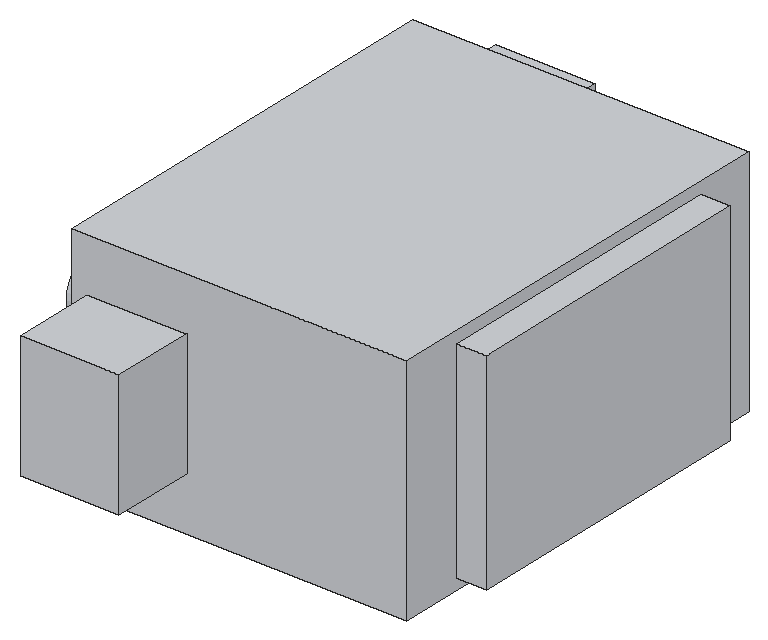
Revit family "M_Unidade de VAV - Duto duplo", category Equipamento mecânico, Revit 2019
Family settings
  Cota do conector redondo = Usar raio
  Tipo de parte = Normal
  Número OmniClass = 23.75.70.21.24.14
  Título OmniClass = Variable Volume Air Terminal Units
  ID de item do Seek = VAV Unit - Dual Duct-0000-CAN-ENU
  Com base no plano de trabalho = Não
  Sempre na vertical = Sim
  Corte com vazios quando carregada = Não
  Compartilhado = Não
  Ponto de cálculo do ambiente = Não
Parameters (values of type "125mmx125mm")
  Largura 4 = Largura de metade do total - Largura 1  # 177.7 mm
  Largura 3 = Largura de metade do total - Largura 2  # 177.7 mm
  Largura 2 = 177.8 mm
  Largura 1 = 177.8 mm
  Largura de saída do ar de fornecimento = 500 mm
  Largura total = 711 mm
  Comprimento total = 559 mm
  Altura total = Altura de saída do ar de fornecimento + 38.1 mm  # 388.1 mm
  Fluxo de ar de saída [instance] = 0.0 L/s
  Queda de pressão do ar quente [instance] = 14.9 Pa
  Raio da entrada de ar quente = 62.5 mm
  Diâmetro da entrada de ar quente = Raio da entrada de ar quente * 2  # 125 mm
  Fluxo de ar quente [instance] = 165.0 L/s
  Largura de metade do total = Largura total / 2  # 355.5 mm
  Altura de metade do total = Altura total / 2  # 194.05 mm
  Altura da meia saída de ar = Altura de saída do ar de fornecimento / 2  # 175 mm
  Queda de pressão do ar fresco [instance] = 14.9 Pa
  Raio interno do ar fresco = 62.5 mm
  Diâmetro interno do ar fresco = Raio interno do ar fresco * 2  # 125 mm
  Fluxo de ar fresco [instance] = 165.0 L/s
  Material da caixa = none
  Altura de saída do ar de fornecimento = 350 mm
Types (13, lengths in mm): name | Largura 4 | Largura 3 | Largura 2 | Largura 1 | Largura total | Comprimento total | Altura total | Queda de pressão do ar quente | Raio da entrada de ar quente | Diâmetro da entrada de ar quente | Fluxo de ar quente | Largura de metade do total | Altura de metade do total | Altura da meia saída de ar | Queda de pressão do ar fresco | Raio interno do ar fresco | Diâmetro interno do ar fresco | Fluxo de ar fresco | Altura de saída do ar de fornecimento
  (no name) | 177.7 | 177.7 | 177.8 | 177.8 | 711 | 559 | 388.1 | 14.9 Pa | 62.5 | 125 | 165.0 L/s | 355.5 | 194.05 | 175 | 14.9 Pa | 62.5 | 125 | 165.0 L/s | 350
  125mmx125mm | 177.7 | 177.7 | 177.8 | 177.8 | 711 | 559 | 388.1 | 14.9 Pa | 62.5 | 125 | 165.0 L/s | 355.5 | 194.05 | 175 | 14.9 Pa | 62.5 | 125 | 165.0 L/s | 350
  150mmx125mm | 177.7 | 177.7 | 177.8 | 177.8 | 711 | 559 | 388.1 | 14.9 Pa | 62.5 | 125 | 165.0 L/s | 355.5 | 194.05 | 175 | 94.6 Pa | 75 | 150 | 236.0 L/s | 350
  150mmx150mm | 177.7 | 177.7 | 177.8 | 177.8 | 711 | 559 | 388.1 | 94.6 Pa | 75 | 150 | 236.0 L/s | 355.5 | 194.05 | 175 | 94.6 Pa | 75 | 150 | 236.0 L/s | 350
  200mmx150mm | 152.3 | 177.7 | 177.8 | 203.2 | 711 | 559 | 388.1 | 94.6 Pa | 75 | 150 | 236.0 L/s | 355.5 | 194.05 | 175 | 59.7 Pa | 100 | 200 | 425.0 L/s | 350
  200mmx200mm | 152.3 | 152.3 | 203.2 | 203.2 | 711 | 559 | 388.1 | 59.7 Pa | 100 | 200 | 425.0 L/s | 355.5 | 194.05 | 175 | 59.7 Pa | 100 | 200 | 425.0 L/s | 350
  250mmx200mm | 177.7 | 152.3 | 203.2 | 177.8 | 711 | 559 | 388.1 | 59.7 Pa | 100 | 200 | 425.0 L/s | 355.5 | 194.05 | 175 | 42.3 Pa | 125 | 250 | 661.0 L/s | 350
  250mmx250mm | 177.7 | 177.7 | 177.8 | 177.8 | 711 | 559 | 388.1 | 42.3 Pa | 127 | 254 | 661.0 L/s | 355.5 | 194.05 | 175 | 42.3 Pa | 125 | 250 | 661.0 L/s | 350
  300mmx200mm | 254 | 304.8 | 203.2 | 254 | 1016 | 610 | 538.1 | 59.7 Pa | 100 | 200 | 425.0 L/s | 508 | 269.05 | 250 | 24.9 Pa | 150 | 300 | 944.0 L/s | 500
  300mmx250mm | 254 | 279.4 | 228.6 | 254 | 1016 | 610 | 538.1 | 42.3 Pa | 125 | 250 | 661.0 L/s | 508 | 269.05 | 250 | 24.9 Pa | 150 | 300 | 944.0 L/s | 500
  300mmx300mm | 254 | 254 | 254 | 254 | 1016 | 610 | 538.1 | 24.9 Pa | 150 | 300 | 944.0 L/s | 508 | 269.05 | 250 | 24.9 Pa | 150 | 300 | 944.0 L/s | 500
  350mmx350mm | 254 | 254 | 254 | 254 | 1016 | 610 | 538.1 | 47.3 Pa | 175 | 350 | 1420.0 L/s | 508 | 269.05 | 250 | 47.3 Pa | 175 | 350 | 1420.0 L/s | 500
  400mmx400mm | 254 | 254 | 254 | 254 | 1016 | 610 | 538.1 | 24.9 Pa | 200 | 400 | 1890.0 L/s | 508 | 269.05 | 250 | 24.9 Pa | 200 | 400 | 1890.0 L/s | 500
Reference planes
  plane 1 "Centro (Frente/Trás)": y = 0
  plane 2: z = 0
  plane 3 "Centro (Esquerda/Direita)": x = 0
  plane 4: x = 559
  plane 5: y = 355.5
  plane 6: y = -355.5
  plane 7: z = 388.1
  plane 8: x = 609.8
  plane 9: y = 254
  plane 10: y = -254
  plane 11: z = 369.05
  plane 12: z = 194.05
  plane 13: x = 25.4
  plane 14: y = 495.2
  plane 15: y = -495.2
  plane 16: x = -101.6
  plane 17: y = 177.7
  plane 18: y = -177.7
  plane 19: x = 190.5
  plane 20: y = -115.2
  plane 21: y = -240.2
  plane 22: y = 115.2
  plane 23: y = 240.2
  plane 24: z = 298.825
  plane 25: z = 89.275
  plane 26: z = 19.05
Forms (mm)
  Extrusion 1, solid, material <- "Material da caixa"
    sketch origin (0, 0, 0) x (1, 0, 0) y (0, 1, 0)
      loop
        line (0, 355.5) -> (0, -355.5) -> (559, -355.5) -> (559, 355.5) -> (0, 355.5)
    from 0 to 388.1
  Extrusion 2, solid, material <- "Material da caixa"
    sketch origin (0, -124.148, 82.55) x (1, 0, 0) y (0, 1, 0)
      loop
        line (559, 378.148) -> (559, -129.852) -> (609.8, -129.852) -> (609.8, 378.148) -> (559, 378.148)
    from -63.5 to 286.5
  Extrusion 3, solid, material <- "Material da caixa"
    sketch origin (-82.55, 0, 0) x (1, 0, 0) y (0, 1, 0)
      loop
        line (107.95, -355.5) -> (107.95, -495.2) -> (273.05, -495.2) -> (273.05, -355.5) -> (107.95, -355.5)
    from 89.275 to 298.825
  Extrusion 4, solid, material <- "Material da caixa"
    sketch origin (0, 0, 0) x (1, 0, 0) y (0, 1, 0)
      loop
        line (25.4, 495.2) -> (25.4, 355.5) -> (190.5, 355.5) -> (190.5, 495.2) -> (25.4, 495.2)
    from 89.275 to 298.825
  Sweep 5, solid, material <- "Material da caixa"
    path origin (0, 0, 0) x (1, 0, 0) y (0, 0, 1)
      loop
        line (0, 194.05) -> (-101.6, 194.05)
    profile origin (-50.8, 0, 194.05) x (0, 0, -1) y (0, -1, 0)
      loop
        circle (0, -177.7) r 62.5
  Sweep 6, solid, material <- "Material da caixa"
    path origin (0, 0, 0) x (1, 0, 0) y (0, 0, 1)
      loop
        line (0, 194.05) -> (-101.6, 194.05)
    profile origin (-50.8, 0, 194.05) x (0, 0, -1) y (0, -1, 0)
      loop
        circle (0, 177.7) r 62.5
Dimensions and locks
  "Comprimento total": plane 3 "Centro (Esquerda/Direita)" to plane 4
  "Largura de metade do total": plane 5 to plane 1 "Centro (Frente/Trás)"
  "Largura de metade do total": plane 6 to plane 1 "Centro (Frente/Trás)"
  plane 8 to plane 4 = 50.8 mm
  equal spacing: plane 9, plane 1 "Centro (Frente/Trás)", plane 10
  "Altura total": plane 7 to level
  equal spacing: plane 7, plane 12, level
  plane 14 to plane 5 = 139.7 mm
  plane 3 "Centro (Esquerda/Direita)" to plane 16 = 101.6 mm
  "Largura 3": plane 17 to plane 1 "Centro (Frente/Trás)"
  "Largura 4": plane 1 "Centro (Frente/Trás)" to plane 18
  plane 3 "Centro (Esquerda/Direita)" to plane 13 = 25.4 mm
  plane 13 to plane 19 = 165.1 mm
  plane 16 to plane 3 "Centro (Esquerda/Direita)" = 101.6 mm
  plane 6 to plane 15 = 139.7 mm
  "Raio da entrada de ar quente": plane 18 to plane 20
  "Raio da entrada de ar quente": plane 18 to plane 21
  "Raio interno do ar fresco": plane 22 to plane 17
  "Raio interno do ar fresco": plane 17 to plane 23
  plane 24 to plane 12 = 104.775 mm
  plane 12 to plane 25 = 104.775 mm
  "Altura da meia saída de ar": plane 11 to plane 12
  "Altura da meia saída de ar": plane 12 to plane 26
  plane 9 to plane 1 "Centro (Frente/Trás)" to plane 10 = 254 mm, 254 mm
  "Raio interno do ar fresco": radius of Sweep 5 sketch curve
  "Raio da entrada de ar quente": radius of Sweep 6 sketch curve
  aligned and locked: Extrusion 1 to plane 3 "Centro (Esquerda/Direita)"
  aligned and locked: plane 4 to Extrusion 1
  aligned and locked: plane 5 to Extrusion 1
  aligned and locked: plane 6 to Extrusion 1
  aligned and locked: level to Extrusion 1
  aligned and locked: plane 11 to Extrusion 2
  aligned and locked: plane 2 to Extrusion 1
  aligned and locked: Extrusion 2 to plane 11  (x2)
  aligned and locked: plane 7 to Extrusion 1
  aligned and locked: Extrusion 4 to plane 13  (x3)
  aligned and locked: Extrusion 3 to plane 13  (x2)
  aligned and locked: Extrusion 4 to plane 5
  aligned and locked: plane 6 to Extrusion 3
  aligned and locked: plane 14 to Extrusion 4
  aligned and locked: Extrusion 3 to plane 15
  aligned and locked: plane 17 to Sweep 5 sketch curve
  aligned and locked: plane 12 to Sweep 5 sketch curve
  aligned and locked: Sweep 5 to plane 16
  aligned and locked: plane 19 to Extrusion 4  (x3)
  aligned and locked: plane 19 to Extrusion 3  (x2)
  aligned and locked: plane 18 to Sweep 6 sketch curve
  aligned and locked: plane 12 to Sweep 6 sketch curve
  aligned and locked: Sweep 6 to plane 16
  aligned and locked: Extrusion 1 to Sweep 5
  aligned and locked: Extrusion 3 to plane 25
  aligned and locked: plane 24 to Extrusion 3
  aligned and locked: plane 24 to Extrusion 4
  aligned and locked: Extrusion 4 to plane 25
  aligned and locked: plane 13 to Extrusion 3
  aligned and locked: plane 13 to Extrusion 4
  aligned and locked: Extrusion 2 to plane 26
  aligned and locked: plane 8 to Extrusion 2
  aligned and locked: Extrusion 2 to plane 4
  aligned and locked: plane 9 to Extrusion 2
  aligned and locked: Extrusion 2 to plane 10
Automatic sketch dimensions
  Extrusion 1 sketch curve to plane 3 "Centro (Esquerda/Direita)" = 0 mm
  Extrusion 1 sketch curve to plane 4 = 0 mm
  plane 1 "Centro (Frente/Trás)" to Extrusion 1 sketch curve = 355.5 mm
  Extrusion 1 sketch curve to plane 1 "Centro (Frente/Trás)" = 355.5 mm
  Extrusion 2 sketch curve to plane 4 = 0 mm
  Extrusion 2 sketch curve to Extrusion 2 sketch curve = 50.8 mm
  plane 6 to Extrusion 2 sketch curve = 101.5 mm
  Extrusion 2 sketch curve to plane 5 = 101.5 mm
  plane 3 "Centro (Esquerda/Direita)" to Extrusion 3 sketch curve = 25.4 mm
  Extrusion 3 sketch curve to Extrusion 3 sketch curve = 165.1 mm
  Extrusion 3 sketch curve to plane 6 = 139.7 mm
  Extrusion 3 sketch curve to plane 6 = 0 mm
  plane 3 "Centro (Esquerda/Direita)" to Extrusion 4 sketch curve = 25.4 mm
  plane 5 to Extrusion 4 sketch curve = 0 mm
  Extrusion 4 sketch curve to Extrusion 4 sketch curve = 165.1 mm
  Extrusion 4 sketch curve to Extrusion 4 sketch curve = 139.7 mm
  Sweep 5 sketch curve to plane 12 = 0 mm
  Sweep 5 sketch curve to plane 16 = 0 mm
  Sweep 5 sketch curve to plane 3 "Centro (Esquerda/Direita)" = 0 mm
  Sweep 6 sketch curve to plane 12 = 0 mm
  Sweep 6 sketch curve to plane 16 = 0 mm
  Sweep 6 sketch curve to plane 3 "Centro (Esquerda/Direita)" = 0 mm
Connectors
  hvac at (-101.6, 177.7, 194.05), driven by "Fluxo de ar fresco", driven by "Raio interno do ar fresco", driven by "Queda de pressão do ar fresco"
    settings: on Sweep 5, index 1, duct flow 165.0 L/s, flow factor 0, pres drop 14.9 Pa, loss coef 0, conn angle 0.00°, conn width 304.8 mm, conn height 304.8 mm, conn diameter 125 mm, duct sys type 1, conn prof type 0, flow config 1, flow direction 1, loss method 4, conn ref index -1, conn util no, is conn primary yes, conn desc ""
  hvac at (-101.6, -177.7, 194.05), driven by "Fluxo de ar quente", driven by "Raio da entrada de ar quente", driven by "Queda de pressão do ar quente"
    settings: on Sweep 6, index 2, duct flow 165.0 L/s, flow factor 0, pres drop 14.9 Pa, loss coef 0, conn angle 0.00°, conn width 304.8 mm, conn height 304.8 mm, conn diameter 125 mm, duct sys type 1, conn prof type 0, flow config 1, flow direction 1, loss method 4, conn ref index -1, conn util no, is conn primary no, conn desc ""
  hvac at (609.8, 0, 194.05), driven by "Fluxo de ar de saída", driven by "Altura de saída do ar de fornecimento", driven by "Largura de saída do ar de fornecimento"
    settings: on Extrusion 2, index 3, duct flow 0.0 L/s, flow factor 0, pres drop 0.0 Pa, loss coef 0, conn angle 0.00°, conn width 500 mm, conn height 350 mm, conn diameter 609.6 mm, duct sys type 1, conn prof type 1, flow config 0, flow direction 2, loss method 4, conn ref index -1, conn util no, is conn primary no, conn desc ""
